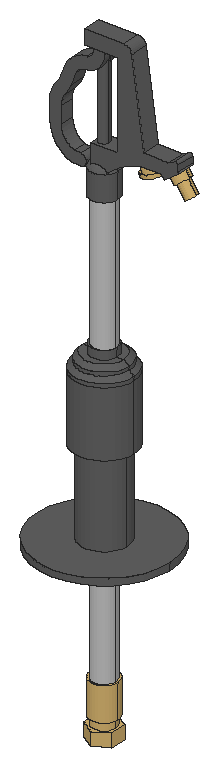
Revit family
Parameters (values of type "RHY2-MS")
  Waste Connection = no
  Vent Connection = no
  Valve Body Drain Hole = "1/8\" NPT"
  URL = "http://www.woodfordmfg.com/woodford/Yard_Hydrant_Pages/Model-RHY2.html"
  Type Comments = ""
  Support Flange Height = 0' - 11 1/4"
  Support Flange Diameter = 0' - 10"
  RHY2-MS Hydrant Weight/Lbs = "50"
  Pipe Casing = "1 1/4\""
  Painted Cast Iron Head & Mounting System Components = ""
  Overall Hydrant Length = 4' - 0 1/2"
  Outlet Connection = "3/4\" Male Hose Thread"
  Model = "RHY2-MS"
  Max Temperature = "120º -F"
  Max Pressure = 100.00 psi
  Manufacturer = "Woodford Manufacturing Company"
  Keynote = ""
  Installation Instructions = "http://www.woodfordmfg.com/woodford/Installation/Roof%20Hydrant%20Installation%20Instructions.pdf"
  Inlet Connection = "1\" NPT Female"
  HW Connection = no
  Galvanized Pipe Casing = ""
  GPM = "15.5 @ 100psi"
  Double Check Backflow Preventor = "ASSE 1052 Field Testable"
  Catalog Sheet = "http://www.woodfordmfg.com/woodford/Yard_Hyd_PDF/Y2RoofHydrant.pdf"
  Cast Brass Valve Body Inlet = ""
  CW Connection = yes
Reference planes (in)
  plane 1 "Center (Front/Back)": y = 0
  plane 2: z = 0
  plane 3 "Center (Left/Right)": x = 0
  plane 4 "Bottom of Deck": z = 0
  plane 5 "Top of Flange": z = 0.5
  plane 6 "Bottom of Boot": z = 7
  plane 7: z = 12
  plane 8 "Top of Boot": z = 13.375
  plane 9: z = 24
  plane 10 "Bottom Hydrant": z = -9.05056
  plane 11 "Bottom Inlet": z = -11.61306
  plane 12 "Drain": z = -12.23806
  plane 13 "Pipe Connection": z = -13.23806
Forms (in)
  Extrusion 1, solid, material "Cast Iron"
    sketch origin (0, 0, 0) x (1, 0, 0) y (0, 1, 0)
      loop
        circle (0, 0) r 5
    from 0 to 0.5
  Extrusion 2, solid, material "Cast Iron"
    sketch origin (0, 0, 0.5) x (-1, 0, 0) y (0, -1, 0)
      loop
        circle (0, 0) r 1.75
    from 0 to 6.5
  Extrusion 3, solid, material "Cast Iron"
    sketch origin (0, 0, 7) x (-1, 0, 0) y (0, -1, 0)
      loop
        circle (0, 0) r 2.25
    from 0 to 5
  Revolve 4, solid, material "Cast Iron"
    sketch origin (0, 0, 0) x (1, 0, 0) y (0, 0, 1)
      loop
        line (0, 12) -> (2.25, 12) -> (2.25, 12.25) -> (1.89645, 12.60355) -> (1.89645, 12.85355) -> (1.54289, 13.20711) -> (1.0031, 13.20711) -> (1.0031, 13.82538) -> (0, 13.82538) -> (0, 12)
      axis (0, 12) -> (0, 13.82538)
    angle from 0 to 360
  Extrusion 5, solid, material "Chrome"
    sketch origin (0, 0, 13.375) x (-1, 0, 0) y (0, -1, 0)
      loop
        circle (0, 0) r 0.875
    from 0 to 10.625
  Revolve 6, solid, material "Cast Iron"
    sketch origin (0, 0, 1.41692) x (1, 0, 0) y (0, 0, 1)
      loop
        line (0, 22.58308) -> (1.0625, 22.58308) -> (1.0625, 24.47002)
        arc (1.0625, 24.47002) -> (0.73814, 24.88593) -> (0.2347, 25.04322) r 0.88434
        line (0.2347, 25.04322) -> (0, 25.04322) -> (0, 22.58308)
      axis (0, 22.58308) -> (0, 25.04322)
    angle from 0 to 360
  Extrusion 7, solid, material "Cast Iron"
    sketch origin (0, 0, 1.41692) x (1, 0, 0) y (0, 0, 1)
      loop
        line (-0.5, 23.22002) -> (0.5, 23.22002) -> (0.5, 23.72002)
        arc (0.5, 23.72002) -> (0.62037, 24.27543) -> (0.95989, 24.73117) r 1.34154
        line (0.95989, 24.73117) -> (1.67922, 25.25379)
        arc (1.67922, 25.25379) -> (2.52568, 25.68195) -> (3.43883, 25.93877) r 4.89374
        line (3.43883, 25.93877) -> (4.875, 25.93877) -> (5.14712, 25.66665) -> (6.25952, 26.47485) -> (6.18551, 26.54886) -> (6.18551, 27.00993)
        arc (6.18551, 27.00993) -> (6.10837, 27.15072) -> (5.9482, 27.1615) r 0.16706
        line (5.9482, 27.1615) -> (5.43551, 26.92386) -> (3.56051, 26.92386) -> (2.63608, 33.33476)
        arc (2.63608, 33.33476) -> (2.43665, 33.69972) -> (2.04697, 33.84502) r 0.5952
        line (2.04697, 33.84502) -> (-0.9375, 33.84502) -> (-0.9375, 32.72002) -> (1.5625, 32.72002) -> (1.5625, 26.22002) -> (-0.5, 26.22002) -> (-0.5, 23.22002)
    from -0.6875 to 0.6875
  Extrusion 8, solid, material "Cast Iron"
    sketch origin (0, 0, 1.41692) x (1, 0, 0) y (0, 0, 1)
      loop
        line (-3.72341, 27.84445) -> (-3.72341, 26.59445)
        arc (-3.72341, 26.59445) -> (-3.26158, 25.14916) -> (-2.04724, 24.23948) r 2.49242
        line (-2.04724, 24.23948) -> (-1.37047, 24.23948)
        arc (-1.37047, 24.23948) -> (-0.93297, 24.67698) -> (-1.37047, 25.11448) r 0.4375
        line (-1.37047, 25.11448) -> (-1.88347, 25.11448)
        arc (-1.88347, 25.11448) -> (-2.58587, 25.71107) -> (-2.84841, 26.59445) r 1.61742
        line (-2.84841, 26.59445) -> (-2.84841, 27.87616)
        arc (-2.84841, 27.87616) -> (-2.78943, 28.34662) -> (-2.54448, 28.75259) r 1.14213
        arc (-2.54448, 28.75259) -> (-2.26117, 29.1243) -> (-2.05796, 29.54519) r 2.32389
        line (-2.05796, 29.54519) -> (-1.69508, 30.5422)
        arc (-1.69508, 30.5422) -> (-1.31992, 30.86415) -> (-0.84755, 31.00998) r 1.21489
        arc (-0.84755, 31.00998) -> (0.0866, 31.47623) -> (0.46515, 32.44924) r 1.44953
        line (0.46515, 32.44924) -> (0.46515, 32.72617) -> (-0.40985, 32.72617) -> (-0.40985, 32.45064)
        arc (-0.40985, 32.45064) -> (-0.56018, 32.06554) -> (-0.93014, 31.88107) r 0.57453
        arc (-0.93014, 31.88107) -> (-1.80924, 31.5919) -> (-2.47728, 30.95145) r 2.08989
        line (-2.47728, 30.95145) -> (-2.88019, 29.84446)
        arc (-2.88019, 29.84446) -> (-3.00689, 29.58205) -> (-3.18353, 29.35029) r 1.44889
        arc (-3.18353, 29.35029) -> (-3.60913, 28.65318) -> (-3.72341, 27.84445) r 2.01713
    from -0.5 to 0.5
  Sweep 9, solid, material "Copper"
    path origin (0, 0, 1.41692) x (1, 0, 0) y (0, 0, 1)
      loop
        line (5.70332, 26.07075) -> (6.03395, 25.61568)
    profile origin (5.86863, 0, 27.26014) x (0.809017, 0, 0.587785) y (0, -1, 0)
      loop
        circle (0, 0) r 0.62427
  Sweep 10, solid, material "Copper"
    path origin (0, 0, 1.41692) x (1, 0, 0) y (0, 0, 1)
      loop
        line (6.03395, 25.61568) -> (6.6952, 24.70554)
    profile origin (6.36458, 0, 26.57753) x (0.809017, 0, 0.587785) y (0, -1, 0)
      loop
        circle (0, 0) r 0.4375
  Sweep 11, solid, material "Copper"
    path origin (1.27272, 0, 1.76056) x (1, 0, 0) y (0, 0, 1)
      loop
        line (2.12631, 26.09621) -> (2.35363, 25.11159)
    profile origin (3.5127, 0, 27.36446) x (0.97437, 0, 0.224951) y (0, -1, 0)
      loop
        circle (0, 0) r 0.625
  Sweep 12, solid, material "Copper"
    path origin (1.26122, 0, 1.77206) x (1, 0, 0) y (0, 0, 1)
      loop
        line (2.36513, 25.10009) -> (2.42137, 24.85649)
    profile origin (3.65447, 0, 26.75035) x (0.97437, 0, 0.224951) y (0, -1, 0)
      loop
        circle (0, 0) r 0.75
  Revolve 13, solid, material "Cast Iron", not visible
    sketch origin (0, 0, 0) x (1, 0, 0) y (0, 0, 1)
      loop
        line (0, 22.58308) -> (1.0625, 22.58308) -> (1.0625, 24.47002)
        arc (1.0625, 24.47002) -> (0.73814, 24.88593) -> (0.2347, 25.04322) r 0.88434
        line (0.2347, 25.04322) -> (0, 25.04322) -> (0, 22.58308)
      axis (0, 22.58308) -> (0, 25.04322)
    angle from 0 to 360
  Extrusion 14, solid, material "Cast Iron", not visible
    sketch origin (0, 0, 0) x (1, 0, 0) y (0, 0, 1)
      loop
        line (-0.5, 23.22002) -> (0.5, 23.22002) -> (0.5, 23.72002)
        arc (0.5, 23.72002) -> (0.62037, 24.27543) -> (0.95989, 24.73117) r 1.34154
        line (0.95989, 24.73117) -> (1.67922, 25.25379)
        arc (1.67922, 25.25379) -> (2.52568, 25.68195) -> (3.43883, 25.93877) r 4.89374
        line (3.43883, 25.93877) -> (4.875, 25.93877) -> (5.14712, 25.66665) -> (6.25952, 26.47485) -> (6.18551, 26.54886) -> (6.18551, 27.00993)
        arc (6.18551, 27.00993) -> (6.10837, 27.15072) -> (5.9482, 27.1615) r 0.16706
        line (5.9482, 27.1615) -> (5.43551, 26.92386) -> (3.56051, 26.92386) -> (2.63608, 33.33476)
        arc (2.63608, 33.33476) -> (2.43665, 33.69972) -> (2.04697, 33.84502) r 0.5952
        line (2.04697, 33.84502) -> (-0.9375, 33.84502) -> (-0.9375, 32.72002) -> (1.5625, 32.72002) -> (1.5625, 26.22002) -> (-0.5, 26.22002) -> (-0.5, 23.22002)
    from -0.6875 to 0.6875
  Extrusion 15, solid, material "Cast Iron", not visible
    sketch origin (0, 0, 0) x (1, 0, 0) y (0, 0, 1)
      loop
        line (-3.72341, 27.84445) -> (-3.72341, 26.59445)
        arc (-3.72341, 26.59445) -> (-3.26158, 25.14916) -> (-2.04724, 24.23948) r 2.49242
        line (-2.04724, 24.23948) -> (-1.37047, 24.23948)
        arc (-1.37047, 24.23948) -> (-0.93297, 24.67698) -> (-1.37047, 25.11448) r 0.4375
        line (-1.37047, 25.11448) -> (-1.88347, 25.11448)
        arc (-1.88347, 25.11448) -> (-2.58587, 25.71107) -> (-2.84841, 26.59445) r 1.61742
        line (-2.84841, 26.59445) -> (-2.84841, 27.87616)
        arc (-2.84841, 27.87616) -> (-2.78943, 28.34662) -> (-2.54448, 28.75259) r 1.14213
        arc (-2.54448, 28.75259) -> (-2.26117, 29.1243) -> (-2.05796, 29.54519) r 2.32389
        line (-2.05796, 29.54519) -> (-1.69508, 30.5422)
        arc (-1.69508, 30.5422) -> (-1.31992, 30.86415) -> (-0.84755, 31.00998) r 1.21489
        arc (-0.84755, 31.00998) -> (0.0866, 31.47623) -> (0.46515, 32.44924) r 1.44953
        line (0.46515, 32.44924) -> (0.46515, 32.72617) -> (-0.40985, 32.72617) -> (-0.40985, 32.45064)
        arc (-0.40985, 32.45064) -> (-0.56018, 32.06554) -> (-0.93014, 31.88107) r 0.57453
        arc (-0.93014, 31.88107) -> (-1.80924, 31.5919) -> (-2.47728, 30.95145) r 2.08989
        line (-2.47728, 30.95145) -> (-2.88019, 29.84446)
        arc (-2.88019, 29.84446) -> (-3.00689, 29.58205) -> (-3.18353, 29.35029) r 1.44889
        arc (-3.18353, 29.35029) -> (-3.60913, 28.65318) -> (-3.72341, 27.84445) r 2.01713
    from -0.5 to 0.5
  Sweep 16, solid, material "Copper", not visible
    path origin (0, 0, 0) x (1, 0, 0) y (0, 0, 1)
      loop
        line (5.70332, 26.07075) -> (6.03395, 25.61568)
    profile origin (5.86863, 0, 25.84322) x (0.809017, 0, 0.587785) y (0, -1, 0)
      loop
        circle (0, 0) r 0.62427
  Sweep 17, solid, material "Copper", not visible
    path origin (0, 0, 0) x (1, 0, 0) y (0, 0, 1)
      loop
        line (6.03395, 25.61568) -> (6.6952, 24.70554)
    profile origin (6.36458, 0, 25.16061) x (0.809017, 0, 0.587785) y (0, -1, 0)
      loop
        circle (0, 0) r 0.4375
  Sweep 18, solid, material "Copper", not visible
    path origin (1.27272, 0, 0.34363) x (1, 0, 0) y (0, 0, 1)
      loop
        line (2.12631, 26.09621) -> (2.35363, 25.11159)
    profile origin (3.5127, 0, 25.94753) x (0.97437, 0, 0.224951) y (0, -1, 0)
      loop
        circle (0, 0) r 0.625
  Sweep 19, solid, material "Copper", not visible
    path origin (1.26122, 0, 0.35514) x (1, 0, 0) y (0, 0, 1)
      loop
        line (2.36513, 25.10009) -> (2.42137, 24.85649)
    profile origin (3.65447, 0, 25.33343) x (0.97437, 0, 0.224951) y (0, -1, 0)
      loop
        circle (0, 0) r 0.75
  Extrusion 20, solid, material "Chrome"
    sketch origin (0, 0, 0) x (-1, 0, 0) y (0, -1, 0)
      loop
        circle (0, 0) r 0.875
    from 0 to -9.05056
  Extrusion 21, solid, material "Copper"
    sketch origin (0, 0, -9.05056) x (-1, 0, 0) y (0, -1, 0)
      loop
        circle (0, 0) r 1.0625
    from 0 to -2.5625
  Extrusion 22, solid, material "Copper"
    sketch origin (0, 0, -11.61306) x (-1, 0, 0) y (0, -1, 0)
      loop
        circle (0, 0) r 0.875
    from 0 to -0.625
  Extrusion 23, solid, material "Copper"
    sketch origin (-60.2647, -180, -12.23806) x (-1, 0, 0) y (0, -1, 0)
      loop
        line (-61.34723, -180.625) -> (-60.2647, -181.25) -> (-59.18217, -180.625) -> (-59.18217, -179.375) -> (-60.2647, -178.75) -> (-61.34723, -179.375) -> (-61.34723, -180.625)
    from 0 to -1
  Extrusion 24, void
    sketch origin (0, 0, -13.23806) x (-1, 0, 0) y (0, -1, 0)
      loop
        circle (0, 0) r 0.5
    from 0 to 1
  Sweep 25, solid, material "Cast Iron"
    path origin (0, 0, -4.25208) x (1, 0, 0) y (0, 0, 1)
      loop
        line (0, 31.88902) -> (0, 38.38902)
    profile origin (0, 0, 30.88694) x (-1, 0, 0) y (0, -1, 0)
      loop
        circle (0, 0) r 0.375
  Sweep 26, solid, material "Cast Iron", not visible
    path origin (0, 0, -5.669) x (1, 0, 0) y (0, 0, 1)
      loop
        line (0, 31.88902) -> (0, 38.38902)
    profile origin (0, 0, 29.47002) x (-1, 0, 0) y (0, -1, 0)
      loop
        circle (0, 0) r 0.375
  Extrusion 27, solid, material "Copper"
    sketch origin (0, 0, 0) x (0, 1, 0) y (0, 0, 1)
      loop
        circle (0, -10.78878) r 0.125
    from 0 to -1.18381
Cuts and joins
  Extrusion 24 cuts Extrusion 22
  Extrusion 24 cuts Extrusion 23
Dimensions and locks (in)
  plane 5 "Top of Flange" to plane 4 "Bottom of Deck" = 0' - 0 1/2"
  plane 6 "Bottom of Boot" to plane 5 "Top of Flange" = 0' - 6 1/2"
  plane 7 to plane 6 "Bottom of Boot" = 0' - 5"
  locked: plane 8 "Top of Boot" to plane 7 at 1.375
  locked: plane 10 "Bottom Hydrant" to plane 11 "Bottom Inlet" at 2.5625
  locked: plane 11 "Bottom Inlet" to plane 12 "Drain" at 0.625
  locked: plane 12 "Drain" to plane 13 "Pipe Connection" at 1
  plane 9 to level = 2' - 0"
  Extrusion 7 to plane 13 "Pipe Connection" = 4' - 0 1/2"
  locked: plane 10 "Bottom Hydrant" to Extrusion 27 sketch curve at 1.73822
  aligned and locked: plane 2 to level
  aligned and locked: plane 5 "Top of Flange" to Extrusion 1
  aligned and locked: plane 6 "Bottom of Boot" to Extrusion 2
  aligned and locked: plane 7 to Extrusion 3
  aligned and locked: plane 9 to Revolve 6
  aligned and locked: Extrusion 20 to plane 10 "Bottom Hydrant"
  aligned and locked: plane 11 "Bottom Inlet" to Extrusion 21
  aligned and locked: plane 12 "Drain" to Extrusion 22
  aligned and locked: plane 13 "Pipe Connection" to Extrusion 23
  aligned and locked: plane 9 to Extrusion 5
Connectors (in)
  piping at (0, 0, -12.23806)
    settings: on cut or joined group of Extrusion 23, Extrusion 24, index 1, connector radius 1/2", flow factor 0, pipe flow 16 GPM, pressure drop 100.00 psi, fitting loss kfactor 0, connector angle 0.00°, fixture units 0, flow configuration 1, flow direction 1, fitting loss method 4, system type 20, connector reference index -1, connector utility 0, adjustable connector no, is connector primary yes, fitting loss table "", connector description ""
  piping at (-1.18381, 0, -10.78878)
    settings: on Extrusion 27, index 2, connector radius 1/16", flow factor 0, pipe flow 0 GPM, pressure drop 0.00 psi, fitting loss kfactor 0, connector angle 0.00°, fixture units 0, flow configuration 1, flow direction 2, fitting loss method 0, system type 22, connector reference index -1, connector utility 0, adjustable connector no, is connector primary no, fitting loss table "", connector description "Drain Line"
